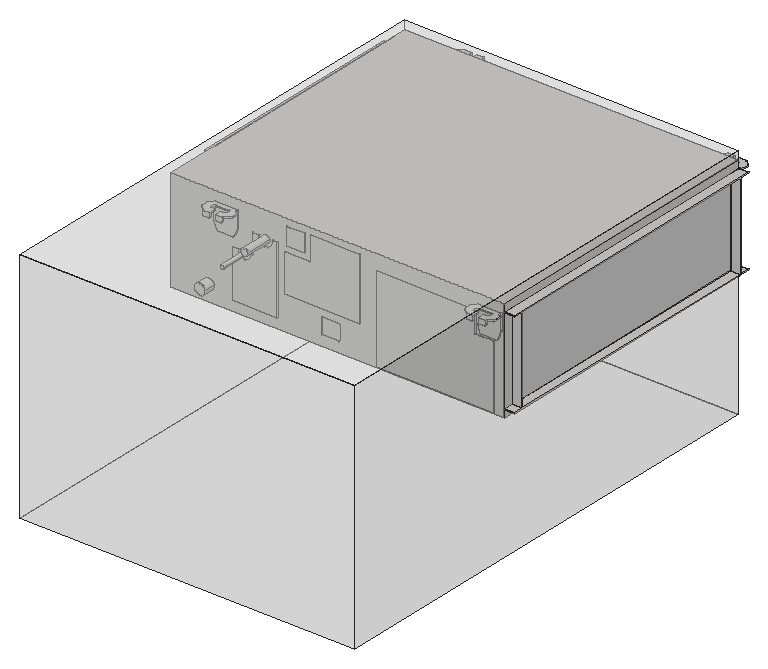
Revit family "outputfile", category 機械設備, Revit 2024
Family settings
  丸型コネクタ寸法 = 半径を使用
  パーツ タイプ = 標準
  OmniClass 番号 = 23.75.10.24.21.27.27
  OmniClass タイトル = Split System Air Conditioning Units
  作業面ベース = いいえ
  常に垂直 = はい
  ロード時にボイドで切り取り = いいえ
  注釈の向きを維持 = いいえ
  共有 = いいえ
  部屋計算ポイント = はい
Parameters (values of type "FBFC60EVMG")
  製造元 = "Daikin"
  書き出し IFC クラス(タイプ) = "IfcUnitaryEquipmentType"
  定義済み IFC タイプ(タイプ) = "AIRCONDITIONINGUNIT"
  モデル = "FBFC60EVMG"
  switch_frequency = yes
  r_Liquid Pipe Size = Liquid Pipe Size / 2  # 4.75 mm
  r_Gas Pipe Size = Gas Pipe Size / 2  # 7.95 mm
  r_Drain Pipe Size = Drain Pipe Size / 2  # 12.5 mm
  lw_power = 770.0 mm  # constant formula
  lh_SA = 138.0 mm  # constant formula
  lw_SA = if(Depth = 550.0 mm, 225.0 mm, if(Depth = 700.0 mm, 300.0 mm, if(Depth = 1000.0 mm, 450.0 mm, if(Depth = 1400.0 mm, 650.0 mm, 725.0 mm))))  # 300.0 mm
  lw_RA = if(Depth = 550.0 mm, 275.0 mm, if(Depth = 700.0 mm, 349.0 mm, if(Depth = 1000.0 mm, 499.0 mm, if(Depth = 1400.0 mm, 699.0 mm, 775.0 mm))))  # 349.0 mm
  lh_power = 60.0 mm + [h***]  # 60.0 mm
  lh_mountinghole1 = lh_mountinghole + [h***]  # 222.0 mm
  lh_RA = 123.0 mm  # constant formula
  ld_power = Depth / 2  # 350.0 mm
  connector_voltage = Voltage_50Hz  # 230 V
  connector_powerinput = [Power Input (Cooling)]  # 2.000 kW
  connector_phase = Phase_50Hz  # 1
  Voltage_comment_60Hz = "220-230"
  Voltage_comment_50Hz = "220-240"
  Voltage_60Hz = 220 V
  Voltage_50Hz = 230 V
  Supply Air Direction [instance] = yes
  Phase_60Hz = 1
  Phase_50Hz = 1
  Minimum External Static Pressure = 30.00 Pa
  Maximum External Static Pressure = 130.00 Pa
  Material_Casing = DAIKIN_GalvanizedSteel_Casing_indoorunit
  lw_mountinghole = 630.0 mm  # constant formula
  lh_gaspipe = 183.0 mm + [h***]  # 183.0 mm
  lh_mountinghole = 222.0 mm  # constant formula
  lh_liquidpipe = 136.0 mm + [h***]  # 136.0 mm
  lh_drainpipe = 38.0 mm + [h***]  # 38.0 mm
  lh_antena = Height - lh_mountinghole + 1.0 mm  # 24.0 mm
  ld_drainpipe = Depth / 2 + 26.0 mm  # 376.0 mm
  ld_liquidpipe = Depth / 2 + 69.0 mm  # 419.0 mm
  ld_gaspipe = Depth / 2 + 65.0 mm  # 415.0 mm
  ld_mountinghole = Depth + 38.0 mm  # 738.0 mm
  h*** = 0.0 mm  # constant formula
  lw_liquidpipe = 179.0 mm  # constant formula
  lw_gaspipe = 229.0 mm  # constant formula
  lw_drainpipe = 91.0 mm  # constant formula
  Width = 800.0 mm
  Version = "ver.1.0"
  Unit Type = "Duct"
  Unit Mass Weight = 26.00 kg
  Unit Designation [instance] = ""
  Uniclass2015Version = "Products v1.30"
  Uniclass2015Title = "Split coil room air conditioning units"
  Uniclass2015Code = "Pr_70_65_03_86"
  Total Cooling Capacity [instance] = 0.000 kW
  Sound Pressure Level_M speed (dBA) = 35
  Sound Pressure Level_L speed (dBA) = 30
  Sound Pressure Level_H speed (dBA) = 37
  Series = "SkyAir_Fan Coil Unit"
  Sensible Cooling Capacity [instance] = 0.000 kW
  SA Duct Size Width = 492.0 mm
  SA Duct Size Height = 176.0 mm
  Refrigerant Type = "R32"
  RA Duct Size Width = 654.0 mm
  RA Duct Size Height = 208.0 mm
  Power Input (Cooling) = 2.000 kW
  Option Accessory 3 [instance] = ""
  Option Accessory 2 [instance] = ""
  Option Accessory 1 [instance] = ""
  Nominal Cooling Capacity = 6.000 kW
  Minimum Airflow = 540.00 m³/h
  Median Airflow = 720.00 m³/h
  Maximum Airflow = 930.00 m³/h
  Load Classification = HVAC
  Liquid Pipe Size = 9.5 mm
  Link_Nested Family [instance] = ""
  IfcVersion = ""
  IfcExportType = "AIRCONDITIONINGUNIT"
  IfcExportAs = "IfcUnitaryEquipmentType"
  Height = 245.0 mm
  Heat Exchanger Type = "Cross Fin Coil"
  Gas Pipe Size = 15.9 mm
  Frequency_60Hz = 60 Hz
  Frequency_50Hz = 50 Hz
  Fan Type = "Sirocco Fan"
  Fan Drive = "Direct Drive"
  FCU Tag No. [instance] = ""
  Drain Pipe Size = 25.0 mm
  Design Supply Airflow [instance] = 0.00 m³/h
  Design Return Airflow [instance] = 0.00 m³/h
  Design External Static Pressure [instance] = 0.00 Pa
  Depth = 700.0 mm
  既定の高さ = 0.0 mm
  Cooling Entering Wet Bulb Temperature [instance] = 0.00 °C
  Cooling Entering Dry Bulb Temperature [instance] = 0.00 °C
  Cooling Ambient Wet Bulb Temperature [instance] = 0.00 °C
  Cooling Ambient Dry Bulb Temperature [instance] = 0.00 °C
  Clearance visibility [instance] = yes
  Clearance Top = 20.0 mm
  Clearance Right = 0.0 mm
  Clearance Rear = 0.0 mm
  Clearance Left = 0.0 mm
  Clearance Front = 450.0 mm
  Clearance Bottom = 300.0 mm
Reference planes
  plane 1 "Center (Front/Back)": y = 0
  plane 2 "h": z = 0
  plane 3 "Center (Left/Right)": x = 0
  plane 4 "Back": y = 350
  plane 5 "Front": y = -350
  plane 6 "Left": x = -400
  plane 7 "Right": x = 400
  plane 8 "Top": z = 0
  plane 9 "Bottom": z = -245
  plane 10: y = -215
  plane 11: y = 350
  plane 12: y = -800
  plane 13: x = -400
  plane 14: x = 400
  plane 15: z = 20
  plane 16: z = -545
  plane 17: x = -400
  plane 18: x = -399
  plane 19: x = 399
  plane 20: y = 50
  plane 21: y = -1
  plane 22: z = -122
  plane 23: y = -351
  plane 24: z = -109
  plane 25: x = -221
  plane 26: y = -415
  plane 27: z = -62
  plane 28: x = -171
  plane 29: y = -376
  plane 30: z = -207
  plane 31: x = -309
  plane 32: x = -309
  plane 33: x = -221
  plane 34: x = -171
  plane 35: x = 370
  plane 36: x = -266
  plane 37: x = 364
  plane 38: y = -369
  plane 39: y = 369
  plane 40: z = -23
  plane 41: z = -107
  plane 42: y = -419
  plane 43: y = -376
  plane 44: x = -251
  plane 45: x = -203
  plane 46: x = -144
  plane 47: z = -59
  plane 48: z = -106
  plane 49: z = -221
  plane 50: z = -109
  plane 51: x = -221
  plane 52: z = -62
  plane 53: x = -171
  plane 54: z = -17
  plane 55: z = -59
  plane 56: x = -121
  plane 57: x = -79
  plane 58: x = -125
  plane 59: x = -64
  plane 60: x = 53
  plane 61: z = -164
  plane 62: z = -73
  plane 63: z = -16
  plane 64: x = 93.5
  plane 65: x = 374.5
  plane 66: x = 330
  plane 67: z = -88.5
  plane 68: z = -38
  plane 69: z = -242.5
  plane 70: x = -38.5
  plane 71: x = 6.5
  plane 72: z = -181
  plane 73: z = -221
  plane 74: y = -349
  plane 75: x = -424
  plane 76: x = 424
Forms (mm)
  Extrusion 1, solid, material "DAIKIN_GalvanizedSteel_Casing_indoorunit" <- "Material_Casing"
    sketch origin (0, 0, 0) x (1, 0, 0) y (0, 1, 0)
      loop
        line (-399, 350) -> (-399, -350) -> (399, -350) -> (399, 350) -> (-399, 350)
    from -245 to 0
  Extrusion 2, solid, material "DAIKIN_GalvanizedSteel_Casing_indoorunit" <- "Material_Casing"
    sketch origin (0, 0, 0) x (1, 0, 0) y (0, 0, 1)
      loop
        line (-251, -221) -> (-144, -221) -> (-144, -59) -> (-154.47, -59)
        arc (-154.47, -59) -> (-171, -78.8) -> (-187.53, -59) r 16.8
        line (-187.53, -59) -> (-203, -59) -> (-203, -106) -> (-206.916, -106)
        arc (-206.916, -106) -> (-221, -123.4) -> (-235.084, -106) r 14.4
        line (-235.084, -106) -> (-251, -106) -> (-251, -221)
    from 350 to 351
  Extrusion 3, solid, material "DAIKIN_GalvanizedSteel_Casing_indoorunit" <- "Material_Casing"
    sketch origin (0, 0, 0) x (1, 0, 0) y (0, 0, 1)
      loop
        line (-121, -17) -> (-121, -59) -> (-79, -59) -> (-79, -17) -> (-121, -17)
      loop
        line (-125, -73) -> (-125, -164) -> (53, -164) -> (53, -16) -> (-64, -16) -> (-64, -73) -> (-125, -73)
    from 350 to 351
  Extrusion 4, solid, material "DAIKIN_GalvanizedSteel_Casing_indoorunit" <- "Material_Casing"
    sketch origin (0, 0, 0) x (1, 0, 0) y (0, 0, 1)
      loop
        line (93.5, -38) -> (93.5, -242.5) -> (374.5, -242.5) -> (374.5, -88.5) -> (330, -88.5) -> (330, -38) -> (93.5, -38)
    from 350 to 351
  Extrusion 5, solid, material "DAIKIN_GalvanizedSteel_Casing_indoorunit" <- "Material_Casing"
    sketch origin (0, 0, 0) x (1, 0, 0) y (0, 0, 1)
      loop
        circle (-221, -109) r 4.75
    from 350 to 419
  Extrusion 6, solid, material "DAIKIN_GalvanizedSteel_Casing_indoorunit" <- "Material_Casing"
    sketch origin (0, 0, 0) x (1, 0, 0) y (0, 0, 1)
      loop
        circle (-171, -62) r 7.95
    from 350 to 415
  Extrusion 7, solid, material "DAIKIN_GalvanizedSteel_Casing_indoorunit" <- "Material_Casing"
    sketch origin (0, 0, 0) x (1, 0, 0) y (0, 0, 1)
      loop
        circle (-309, -207) r 12.5
    from 350 to 376
  Extrusion 8, void
    sketch origin (0, 0, 0) x (1, 0, 0) y (0, 0, 1)
      loop
        line (-38.5, -181) -> (-38.5, -221) -> (6.5, -221) -> (6.5, -181) -> (-38.5, -181)
    from 349 to 350
Cuts and joins
  Extrusion 8 cuts Extrusion 1
Dimensions and locks
  "Height": plane 8 "Top" to plane 9 "Bottom"
  equal spacing: plane 4 "Back", plane 1 "Center (Front/Back)", plane 5 "Front"
  "Depth": plane 4 "Back" to plane 5 "Front"
  equal spacing: plane 6 "Left", plane 3 "Center (Left/Right)", plane 7 "Right"
  "Width": plane 6 "Left" to plane 7 "Right"
  "Clearance Left": plane 13 to plane 6 "Left"
  "Clearance Right": plane 7 "Right" to plane 14
  "Clearance Rear": plane 11 to plane 4 "Back"
  "Clearance Front": plane 5 "Front" to plane 12
  "Clearance Top": plane 15 to plane 8 "Top"
  "Clearance Bottom": plane 9 "Bottom" to plane 16
  locked: plane 17 to plane 18 at 1
  locked: plane 19 to plane 14 at 1
  "lw_SA": plane 11 to plane 20
  "lw_RA": plane 21 to plane 5 "Front"
  "lh_RA": plane 22 to plane 9 "Bottom"
  locked: plane 5 "Front" to plane 23 at 1
  "lw_liquidpipe": plane 25 to plane 6 "Left"
  "lh_liquidpipe": plane 24 to plane 9 "Bottom"
  "lh_gaspipe": plane 27 to plane 9 "Bottom"
  "lw_gaspipe": plane 28 to plane 6 "Left"
  "ld_gaspipe": plane 26 to plane 1 "Center (Front/Back)"
  "ld_drainpipe": plane 29 to plane 1 "Center (Front/Back)"
  "lh_drainpipe": plane 30 to plane 9 "Bottom"
  "lw_drainpipe": plane 31 to plane 6 "Left"
  "lw_drainpipe": plane 6 "Left" to plane 32
  "lw_liquidpipe": plane 6 "Left" to plane 33
  "lw_gaspipe": plane 6 "Left" to plane 34
  "lw_power": plane 6 "Left" to plane 35
  locked: plane 17 to plane 36 at 134
  "lw_mountinghole": plane 36 to plane 37
  equal spacing: plane 38, plane 1 "Center (Front/Back)", plane 39
  "ld_mountinghole": plane 39 to plane 38
  "lh_mountinghole": plane 40 to plane 9 "Bottom"
  "lh_SA": plane 41 to plane 9 "Bottom"
  plane 46 to plane 45 to plane 44 to plane 6 "Left" = 59.0 mm, 48.0 mm, 149.0 mm
  plane 8 "Top" to plane 47 to plane 48 to plane 49 = 59.0 mm locked, 47.0 mm locked, 115.0 mm locked
  plane 53 to plane 51 to plane 6 "Left" = 50.0 mm locked, 179.0 mm locked
  plane 52 to plane 50 to plane 9 "Bottom" = 47.0 mm locked, 136.0 mm locked
  plane 57 to plane 56 to plane 6 "Left" = 42.0 mm locked, 279.0 mm locked
  plane 8 "Top" to plane 54 to plane 55 = 17.0 mm locked, 42.0 mm locked
  plane 60 to plane 59 to plane 58 to plane 6 "Left" = 117.0 mm, 61.0 mm, 275.0 mm
  plane 8 "Top" to plane 63 to plane 62 = 16.0 mm locked, 57.0 mm locked
  locked: plane 63 to plane 61 at 148
  plane 8 "Top" to plane 68 to plane 67 to plane 69 = 38.0 mm locked, 50.5 mm locked, 154.0 mm locked
  plane 65 to plane 66 to plane 64 to plane 6 "Left" = 44.5 mm locked, 236.5 mm locked, 493.5 mm locked
  plane 8 "Top" to plane 72 to plane 73 = 181.0 mm locked, 40.0 mm locked
  plane 71 to plane 70 to plane 6 "Left" = 45.0 mm, 361.5 mm
  locked: plane 74 to plane 5 "Front" at 1
  locked: plane 75 to plane 17 at 24
  locked: plane 14 to plane 76 at 24
  "ld_liquidpipe": plane 42 to plane 1 "Center (Front/Back)"
  "r_Liquid Pipe Size": radius of Extrusion 5 sketch curve
  "r_Gas Pipe Size": radius of Extrusion 6 sketch curve
  "r_Drain Pipe Size": radius of Extrusion 7 sketch curve
  aligned and locked: level to plane 2 "h"
  aligned and locked: plane 8 "Top" to Extrusion 1
  aligned and locked: Extrusion 1 to plane 9 "Bottom"
  aligned and locked: nested 5 to plane 12
  aligned and locked: plane 13 to nested 5
  aligned and locked: plane 14 to nested 5
  aligned and locked: nested 5 to plane 13
  aligned and locked: plane 11 to nested 5
  aligned and locked: plane 15 to nested 5
  aligned and locked: plane 16 to nested 5
  aligned and locked: plane 5 "Front" to Extrusion 1 sketch curve
  aligned and locked: Extrusion 1 to plane 18
  aligned and locked: plane 19 to Extrusion 1
  aligned and locked: nested 7 to plane 18
  aligned and locked: nested 7 to plane 20
  aligned and locked: plane 19 to nested 8
  aligned and locked: plane 21 to nested 8
  aligned and locked: plane 22 to nested 8
  aligned and locked: Extrusion 2 to plane 23
  aligned and locked: plane 5 "Front" to Extrusion 2
  aligned and locked: Extrusion 3 to plane 23
  aligned and locked: plane 5 "Front" to Extrusion 3
  aligned and locked: plane 5 "Front" to Extrusion 4
  aligned and locked: Extrusion 5 sketch curve to plane 25
  aligned and locked: plane 24 to Extrusion 5 sketch curve
  aligned and locked: plane 5 "Front" to Extrusion 5
  aligned and locked: Extrusion 6 sketch curve to plane 28
  aligned and locked: plane 27 to Extrusion 6 sketch curve
  aligned and locked: plane 5 "Front" to Extrusion 6
  aligned and locked: Extrusion 7 sketch curve to plane 31
  aligned and locked: plane 30 to Extrusion 7 sketch curve
  aligned and locked: Extrusion 7 to plane 29
  aligned and locked: nested 3 to plane 29
  aligned and locked: plane 32 to nested 3
  aligned and locked: nested 2 to plane 33
  aligned and locked: nested 1 to plane 34
  aligned and locked: Extrusion 6 to plane 26
  aligned and locked: nested 1 to plane 26
  aligned and locked: nested 6 to plane 5 "Front"
  aligned and locked: nested 6 to plane 35
  aligned and locked: plane 36 to nested 10
  aligned and locked: nested 10 to plane 5 "Front"
  aligned and locked: plane 37 to nested 9
  aligned and locked: nested 9 to plane 5 "Front"
  aligned and locked: nested 11 to plane 36
  aligned and locked: plane 4 "Back" to nested 11
  aligned and locked: nested 12 to plane 37
  aligned and locked: plane 4 "Back" to nested 12
  aligned and locked: plane 40 to nested 10
  aligned and locked: plane 40 to nested 11
  aligned and locked: plane 40 to nested 9
  aligned and locked: plane 40 to nested 12
  aligned and locked: plane 36 to nested 14
  aligned and locked: nested 14 to plane 39
  aligned and locked: plane 37 to nested 13
  aligned and locked: nested 13 to plane 39
  aligned and locked: plane 37 to nested 16
  aligned and locked: plane 38 to nested 16
  aligned and locked: plane 38 to nested 15
  aligned and locked: plane 36 to nested 15
  aligned and locked: plane 17 to plane 6 "Left"
  aligned and locked: plane 41 to nested 7
  aligned and locked: Extrusion 5 to plane 42
  aligned and locked: nested 2 to plane 42
  aligned and locked: Extrusion 3 sketch curve to plane 54
  aligned and locked: Extrusion 3 sketch curve to plane 56
  aligned and locked: plane 55 to Extrusion 3 sketch curve
  aligned and locked: plane 57 to Extrusion 3 sketch curve
  aligned and locked: Extrusion 4 to plane 23
  aligned and locked: Extrusion 8 sketch curve to plane 72
  aligned and locked: plane 73 to Extrusion 8 sketch curve
  aligned and locked: plane 71 to Extrusion 8 sketch curve
  aligned and locked: plane 5 "Front" to Extrusion 8
  aligned and locked: plane 74 to Extrusion 8
  aligned and locked: nested 17 to plane 20
  aligned and locked: nested 17 to plane 75
  aligned and locked: plane 21 to nested 18
  aligned and locked: plane 76 to nested 18
  aligned and locked: plane 41 to nested 17
  aligned and locked: nested 18 to plane 22
  aligned and locked: nested 4 to plane 3 "Center (Left/Right)"
  aligned and locked: plane 1 "Center (Front/Back)" to nested 4
  aligned and locked: level to plane 8 "Top"
  aligned and locked: plane 5 "Front" to Extrusion 7
Automatic sketch dimensions
  plane 6 "Left" to Extrusion 1 sketch curve = 1.0 mm
  Extrusion 1 sketch curve to plane 7 "Right" = 1.0 mm
  Extrusion 1 sketch curve to plane 4 "Back" = 0.0 mm
  Extrusion 2 sketch curve to plane 44 = 0.0 mm
  Extrusion 2 sketch curve to plane 33 = 0.0 mm
  Extrusion 2 sketch curve to plane 45 = 0.0 mm
  Extrusion 2 sketch curve to plane 34 = 0.0 mm
  Extrusion 2 sketch curve to plane 46 = 0.0 mm
  Extrusion 2 sketch curve to plane 49 = 0.0 mm
  Extrusion 2 sketch curve to plane 50 = 0.0 mm
  Extrusion 2 sketch curve to plane 48 = 0.0 mm  (x3)
  Extrusion 2 sketch curve to plane 52 = 0.0 mm
  Extrusion 2 sketch curve to plane 47 = 0.0 mm  (x3)
  plane 33 to Extrusion 2 sketch curve = 14.084 mm
  plane 34 to Extrusion 2 sketch curve = 16.53 mm
  Extrusion 3 sketch curve to plane 58 = 0.0 mm
  Extrusion 3 sketch curve to plane 59 = 0.0 mm
  Extrusion 3 sketch curve to plane 60 = 0.0 mm
  Extrusion 3 sketch curve to plane 61 = 0.0 mm
  Extrusion 3 sketch curve to plane 62 = 0.0 mm
  Extrusion 3 sketch curve to plane 63 = 0.0 mm
  Extrusion 4 sketch curve to plane 64 = 0.0 mm
  Extrusion 4 sketch curve to plane 66 = 0.0 mm
  Extrusion 4 sketch curve to plane 65 = 0.0 mm
  Extrusion 4 sketch curve to plane 69 = 0.0 mm
  Extrusion 4 sketch curve to plane 67 = 0.0 mm
  Extrusion 4 sketch curve to plane 68 = 0.0 mm
  Extrusion 8 sketch curve to plane 70 = 0.0 mm
Nested families
  nested 1: "daikin_connector_rotate2" at (-171, 0, -62), length <- "ld_gaspipe", built-in parameter 1001364 <- "lh_gaspipe", radius <- "r_Gas Pipe Size", type "daikin_connector_rotate2"
    with radius 7.95 mm, length 415.0 mm, angle_vertical 90.00°
  nested 2: "daikin_connector_rotate2" at (-221, 0, -109), length <- "ld_liquidpipe", built-in parameter 1001364 <- "lh_liquidpipe", radius <- "r_Liquid Pipe Size", type "daikin_connector_rotate2"
    with radius 4.75 mm, length 419.0 mm, angle_vertical 90.00°
  nested 3: "daikin_connector_rotate2" at (-309, 0, -207), length <- "ld_drainpipe", built-in parameter 1001364 <- "lh_drainpipe", radius <- "r_Drain Pipe Size", type "daikin_connector_rotate2"
    with radius 12.5 mm, length 376.0 mm, angle_vertical 90.00°
  nested 4: "daikin_△_symbolicline" at (0, 0, 245) x (0, -1, 0) z (0, 0, 1), built-in parameter 1001364 <- "Height", visible <- "Supply Air Direction", type "daikin_△_symbolicline"
    with length 200.0 mm
  nested 5: "daikin_clearancespace" at (0, -225, -262.381), visible <- "Clearance visibility", show <- "Clearance visibility", Link_Nested Family <- "Link_Nested Family", type "daikin_clearancespace"
    with width 800.0 mm, show yes, height 565.0 mm, depth 1150.0 mm, Link_Nested Family ""
  nested 6: "daikin_connector_rotate2" at (370, 0, -185), built-in parameter 1001364 <- "lh_power", length <- "ld_power", type "daikin_connector_rotate2"
    with radius 10.0 mm, length 350.0 mm, angle_vertical 90.00°
  nested 7: "daikin_ductflange_FBFC-EVMG_2" at (-399, 50, -107) x (0, -1, 0) z (0, 0, 1), type "daikin_ductflange_FBFC-EVMG_2"
    with width 492.0 mm, w 700.0 mm
  nested 8: "daikin_ductflange_FBFC-EVMG" at (399, -1, -122) x (0, 1, 0) z (0, 0, 1), type "daikin_ductflange_FBFC-EVMG"
  nested 9: "daikin_hangerfixture_FBFC-EVMG" at (364, -350, -23), type "daikin_hangerfixture_FBFC-EVMG"
  nested 10: "daikin_hangerfixture_FBFC-EVMG" at (-266, -350, -23), type "daikin_hangerfixture_FBFC-EVMG"
  nested 11: "daikin_hangerfixture_FBFC-EVMG" at (-266, 350, -23) x (-1, 0, 0) z (0, 0, 1), type "daikin_hangerfixture_FBFC-EVMG"
  nested 12: "daikin_hangerfixture_FBFC-EVMG" at (364, 350, -23) x (-1, 0, 0) z (0, 0, 1), type "daikin_hangerfixture_FBFC-EVMG"
  nested 13: "daikin_mountinghole" at (364, 369, -245), h_mountinghole <- "lh_mountinghole1", l_antenna <- "lh_antena", Link_Nested Family <- "Link_Nested Family", type "daikin_mountinghole"
    with show yes, l_antenna 24.0 mm, h_mountinghole 222.0 mm, Link_Nested Family ""
  nested 14: "daikin_mountinghole" at (-266, 369, -245), h_mountinghole <- "lh_mountinghole1", l_antenna <- "lh_antena", Link_Nested Family <- "Link_Nested Family", type "daikin_mountinghole"
    with show yes, l_antenna 24.0 mm, h_mountinghole 222.0 mm, Link_Nested Family ""
  nested 15: "daikin_mountinghole" at (-266, -369, -245), h_mountinghole <- "lh_mountinghole1", l_antenna <- "lh_antena", Link_Nested Family <- "Link_Nested Family", type "daikin_mountinghole"
    with show yes, l_antenna 24.0 mm, h_mountinghole 222.0 mm, Link_Nested Family ""
  nested 16: "daikin_mountinghole" at (364, -369, -245), h_mountinghole <- "lh_mountinghole1", l_antenna <- "lh_antena", Link_Nested Family <- "Link_Nested Family", type "daikin_mountinghole"
    with show yes, l_antenna 24.0 mm, h_mountinghole 222.0 mm, Link_Nested Family ""
  nested 17: "daikin_connector_rotate2" at (-400, 50, -107) x (0, -1, 0) z (0, 0, 1), type "daikin_connector_rotate2"
    with radius 10.0 mm, length 24.0 mm, angle_vertical 90.00°
  nested 18: "daikin_connector_rotate2" at (400, -1, -122) x (0, 1, 0) z (0, 0, 1), type "daikin_connector_rotate2"
    with radius 10.0 mm, length 24.0 mm, angle_vertical 90.00°
Connectors
  piping at (-309, -376, -207), diameter 25, driven by "r_Drain Pipe Size"
    settings: on nested 3, index 3, connector inside diameter 609.6 mm, connector length 0.0 mm, flow factor 0, pipe flow 0.00 m³/h, pressure drop 0.0 Pa, fitting loss kfactor 0, connector angle 0.00°, fixture units 0, engagement length 0.0 mm, angle of deflection 0.00°, flow configuration 1, flow direction 2, fitting loss method 4, system type 16, joint type 0, gender type 0, connector reference index -1, connector utility 0, adjustable connector no, is connector primary yes, connector description "Condensate Drain Piping"
  piping at (-171, -415, -62), diameter 15.9, driven by "r_Gas Pipe Size"
    settings: on nested 1, index 4, connector inside diameter 609.6 mm, connector length 0.0 mm, flow factor 0, pipe flow 0.00 m³/h, pressure drop 0.0 Pa, fitting loss kfactor 0, connector angle 0.00°, fixture units 0, engagement length 0.0 mm, angle of deflection 0.00°, flow configuration 1, flow direction 2, fitting loss method 0, system type 29, joint type 0, gender type 0, connector reference index -1, connector utility 0, adjustable connector no, is connector primary no, connector description "Refrigerant Gas Piping"
  piping at (-221, -419, -109), diameter 9.5, driven by "r_Liquid Pipe Size"
    settings: on nested 2, index 5, connector inside diameter 609.6 mm, connector length 0.0 mm, flow factor 0, pipe flow 0.00 m³/h, pressure drop 0.0 Pa, fitting loss kfactor 0, connector angle 0.00°, fixture units 0, engagement length 0.0 mm, angle of deflection 0.00°, flow configuration 1, flow direction 1, fitting loss method 0, system type 29, joint type 0, gender type 0, connector reference index -1, connector utility 0, adjustable connector no, is connector primary no, connector description "Refrigerant Liquid Piping"
  electrical at (370, -350, -185), driven by "Load Classification", driven by "connector_phase", driven by "connector_powerinput", driven by "connector_voltage"
    settings: on nested 6, index 6, voltage 230 V, apparent load 2000 VA, apparent load phase1 0 VA, apparent load phase2 0 VA, apparent load phase3 0 VA, power factor 1, load classification "HVAC", number of poles 1, system type 30, power factor state 1, is connector primary yes, connector utility no, sub classification motor no, connector description "Power Supply"
  hvac at (-424, 50, -107), driven by "SA Duct Size Height", driven by "SA Duct Size Width"
    settings: on nested 17, index 7, duct flow 0.00 m³/h, flow factor 0, pres drop 0.00 Pa, loss coef 0, conn angle 0.00°, conn width 492.0 mm, conn height 176.0 mm, conn diameter 609.6 mm, duct sys type 1, conn prof type 1, flow config 0, flow direction 2, loss method 4, conn ref index -1, conn util no, is conn primary yes, conn desc "SA Duct"
  hvac at (424, -1, -122), driven by "RA Duct Size Height", driven by "RA Duct Size Width"
    settings: on nested 18, index 8, duct flow 0.00 m³/h, flow factor 0, pres drop 0.00 Pa, loss coef 0, conn angle 0.00°, conn width 654.0 mm, conn height 208.0 mm, conn diameter 609.6 mm, duct sys type 2, conn prof type 1, flow config 0, flow direction 1, loss method 4, conn ref index -1, conn util no, is conn primary no, conn desc "RA Duct"
Definition of nested family "daikin_clearancespace"
  Parameters (values of type "daikin_clearancespace")
    Description = "daikin_clearancespace"
    width [instance] = 1823.963 mm
    show [instance] = yes
    material = none
    height [instance] = 1359.762 mm
    depth [instance] = 880.0 mm
    Default Elevation = 0.0 mm
    Link_Nested Family [instance] = ""
  Reference planes
    plane 1 "Center (Front/Back)": y = 0
    plane 2 "Center (Elevation)": z = -0.119
    plane 3 "Center (Left/Right)": x = 0
    plane 4: y = 440
    plane 5: y = -440
    plane 6 "Right": x = 911.982
    plane 7 "Left": x = -911.982
    plane 8 "Top": z = 679.762
    plane 9 "Bottom": z = -680
  Forms (mm)
    Extrusion 1, solid, material <- "material", visible <- "show"
      sketch origin (0, 0, 0) x (1, 0, 0) y (0, 1, 0)
        loop
          line (-911.982, 440) -> (-911.982, -440) -> (911.982, -440) -> (911.982, 440) -> (-911.982, 440)
      from -680 to 679.762
  Lines and regions (mm)
    symbolic lines, visible <- "show"
      curve 1: line (911.982, 440, 0) -> (-911.982, 440, 0)
      curve 2: line (-911.982, 440, 0) -> (-911.982, -440, 0)
      curve 3: line (-911.982, -440, 0) -> (911.982, -440, 0)
      curve 4: line (911.982, -440, 0) -> (911.982, 440, 0)
      curve 5: line (911.982, 0, 679.762) -> (-911.982, 0, 679.762)
      curve 6: line (911.982, 0, -680) -> (911.982, 0, 679.762)
      curve 7: line (-911.982, 0, -680) -> (911.982, 0, -680)
      curve 8: line (-911.982, 0, 679.762) -> (-911.982, 0, -680)
      curve 9: line (0, 440, 679.762) -> (0, -440, 679.762)
      curve 10: line (0, -440, 679.762) -> (0, -440, -680)
      curve 11: line (0, 440, -680) -> (0, 440, 679.762)
      curve 12: line (0, -440, -680) -> (0, 440, -680)
  Dimensions and locks
    "width": plane 7 "Left" to plane 6 "Right"
    "depth": plane 4 to plane 5
    "height": plane 8 "Top" to plane 9 "Bottom"
    equal spacing: plane 7 "Left", plane 3 "Center (Left/Right)", plane 6 "Right"
    equal spacing: plane 4, plane 1 "Center (Front/Back)", plane 5
    equal spacing: plane 8 "Top", plane 2 "Center (Elevation)", plane 9 "Bottom"
    aligned and locked: level to plane 2 "Center (Elevation)"
    aligned and locked: Extrusion 1 sketch curve to plane 4
    aligned and locked: plane 7 "Left" to Extrusion 1 sketch curve
    aligned and locked: Extrusion 1 sketch curve to plane 5
    aligned and locked: Extrusion 1 sketch curve to plane 6 "Right"
    aligned and locked: plane 8 "Top" to Extrusion 1
    aligned and locked: curve 1 to Extrusion 1
    aligned and locked: curve 2 to Extrusion 1
    aligned and locked: curve 3 to Extrusion 1
    aligned and locked: curve 4 to Extrusion 1
    aligned and locked: curve 5 to Extrusion 1
    aligned and locked: curve 6 to Extrusion 1
    aligned and locked: curve 7 to Extrusion 1
    aligned and locked: curve 8 to Extrusion 1
    aligned and locked: curve 9 to Extrusion 1
    aligned and locked: curve 10 to Extrusion 1
    aligned and locked: curve 11 to Extrusion 1
    aligned and locked: curve 12 to Extrusion 1
    aligned and locked: Extrusion 1 to plane 9 "Bottom"
Definition of nested family "daikin_ductflange_FBFC-EVMG_2"
  Parameters (values of type "daikin_ductflange_FBFC-DVMG2")
    width = if(w = 550.0 mm, 337.0 mm, if(w = 700.0 mm, 492.0 mm, if(w = 1000.0 mm, 792.0 mm, if(w = 1400.0 mm, 1192.0 mm, 1337.0 mm))))  # 1192.0 mm
    material = none
    height = 215.0 mm
    depth = 1.0 mm
    w = 1400.0 mm
    Default Elevation = 0.0 mm
  Reference planes
    plane 1 "Center (Front/Back)": y = 0
    plane 2: z = 0
    plane 3 "Center (Left/Right)": x = 0
    plane 4: z = 88
    plane 5: z = -88
    plane 6: y = -25
    plane 7: z = 106
    plane 8: z = 89
    plane 9: y = -1
    plane 10: x = -617.5
    plane 11: x = 617.5
    plane 12: z = -106
    plane 13: z = -89
    plane 14: y = -1
    plane 15: x = 596
    plane 16: x = -596
    plane 17: x = 597
    plane 18: z = 87
    plane 19: z = -87
    plane 20: x = -597
    plane 21: z = 87
    plane 22: z = -87
    plane 23: y = -1
  Forms (mm)
    Extrusion 1, solid, material <- "material"
      sketch origin (0, 0, 0) x (0, 1, 0) y (0, 0, 1)
        loop
          line (-25, 88) -> (0, 88) -> (0, 106) -> (-1, 106) -> (-1, 89) -> (-25, 89) -> (-25, 88)
      from -617.5 to 617.5
    Extrusion 2, solid, material <- "material"
      sketch origin (0, 0, 0) x (0, 1, 0) y (0, 0, 1)
        loop
          line (-25, -88) -> (-25, -89) -> (-1, -89) -> (-1, -106) -> (0, -106) -> (0, -88) -> (-25, -88)
      from -617.5 to 617.5
    Extrusion 3, solid, material <- "material"
      sketch origin (0, 0, 0) x (1, 0, 0) y (0, 0, 1)
        loop
          line (596, 88) -> (596, -88) -> (617.5, -88) -> (617.5, -87) -> (597, -87) -> (597, 87) -> (617.5, 87) -> (617.5, 88) -> (596, 88)
      from 0 to 25
    Extrusion 4, solid, material <- "material"
      sketch origin (0, 0, 0) x (1, 0, 0) y (0, 0, 1)
        loop
          line (-617.5, 88) -> (-617.5, 87) -> (-597, 87) -> (-597, -87) -> (-617.5, -87) -> (-617.5, -88) -> (-596, -88) -> (-596, 88) -> (-617.5, 88)
      from 0 to 25
    Extrusion 5, solid, material <- "material"
      sketch origin (0, 0, 0) x (1, 0, 0) y (0, 0, 1)
        loop
          line (-617.5, 88) -> (-617.5, -88) -> (-596, -88) -> (-596, 88) -> (-617.5, 88)
        loop
          line (617.5, 88) -> (596, 88) -> (596, -88) -> (617.5, -88) -> (617.5, 88)
      from 0 to 1
  Cuts and joins
    joined: Extrusion 1, Extrusion 2, Extrusion 3, Extrusion 4, Extrusion 5
  Dimensions and locks
    plane 4 to level to plane 5 = 88.0 mm, 88.0 mm
    locked: plane 6 to plane 1 "Center (Front/Back)" at 25
    locked: plane 9 to plane 1 "Center (Front/Back)" at 1
    locked: plane 8 to plane 4 at 1
    locked: plane 16 to plane 10 at 21.5
    locked: plane 17 to plane 15 at 1
    locked: plane 4 to plane 18 at 1
    locked: plane 19 to plane 5 at 1
    "width": plane 15 to plane 16
    plane 4 to plane 5 = 176.0 mm
    locked: plane 16 to plane 20 at 1
    locked: plane 4 to plane 21 at 1
    locked: plane 22 to plane 5 at 1
    locked: plane 23 to plane 1 "Center (Front/Back)" at 1
    plane 4 to level to plane 5 = 88.0 mm locked, 88.0 mm locked
    locked: plane 5 to plane 13 at 1
    locked: plane 5 to plane 12 at 18
    locked: plane 7 to plane 4 at 18
    equal spacing: plane 15, plane 3 "Center (Left/Right)", plane 16
    locked: plane 11 to plane 15 at 21.5
    plane 11 to plane 10 = 1235.0 mm
    aligned and locked: level to plane 2
    aligned and locked: Extrusion 1 to plane 10
    aligned and locked: plane 11 to Extrusion 1
    aligned and locked: plane 5 to Extrusion 2
    aligned and locked: Extrusion 2 to plane 1 "Center (Front/Back)"
    aligned and locked: plane 15 to Extrusion 3 sketch curve
    aligned and locked: Extrusion 3 sketch curve to Extrusion 2  (x2)
    aligned and locked: Extrusion 3 sketch curve to plane 11
    aligned and locked: plane 6 to Extrusion 3
    aligned and locked: Extrusion 2 to plane 10
    aligned and locked: plane 11 to Extrusion 2
    aligned and locked: Extrusion 4 sketch curve to Extrusion 1  (x2)
    aligned and locked: plane 5 to Extrusion 4 sketch curve
    aligned and locked: Extrusion 4 sketch curve to plane 16
    aligned and locked: Extrusion 4 sketch curve to plane 22
    aligned and locked: plane 20 to Extrusion 4 sketch curve
    aligned and locked: plane 21 to Extrusion 4 sketch curve
    aligned and locked: Extrusion 4 to plane 1 "Center (Front/Back)"
    aligned and locked: plane 6 to Extrusion 4
    aligned and locked: Extrusion 5 sketch curve to Extrusion 1  (x4)
    aligned and locked: Extrusion 5 sketch curve to Extrusion 4  (x2)
    aligned and locked: Extrusion 5 sketch curve to Extrusion 3  (x2)
    aligned and locked: Extrusion 5 to plane 1 "Center (Front/Back)"
    aligned and locked: plane 23 to Extrusion 5
  Automatic sketch dimensions
    Extrusion 1 sketch curve to plane 6 = 0.0 mm
    Extrusion 1 sketch curve to plane 7 = 0.0 mm
    Extrusion 1 sketch curve to plane 9 = 0.0 mm
    Extrusion 1 sketch curve to plane 1 "Center (Front/Back)" = 0.0 mm
    Extrusion 1 sketch curve to plane 4 = 0.0 mm
    Extrusion 1 sketch curve to plane 8 = 0.0 mm
    Extrusion 2 sketch curve to plane 6 = 0.0 mm
    plane 12 to Extrusion 2 sketch curve = 0.0 mm
    Extrusion 2 sketch curve to plane 14 = 0.0 mm
    Extrusion 2 sketch curve to plane 1 "Center (Front/Back)" = 0.0 mm
    plane 13 to Extrusion 2 sketch curve = 0.0 mm
    Extrusion 2 sketch curve to plane 5 = 0.0 mm
    Extrusion 3 sketch curve to plane 17 = 0.0 mm
    Extrusion 3 sketch curve to plane 19 = 0.0 mm
    Extrusion 3 sketch curve to plane 18 = 0.0 mm
    Extrusion 3 sketch curve to plane 4 = 0.0 mm
    Extrusion 4 sketch curve to plane 10 = 0.0 mm
Definition of nested family "daikin_ductflange_FBFC-EVMG"
  Parameters (values of type "daikin_ductflange_FBFC-DVMG")
    width = if(w = 550.0 mm, 502.0 mm, if(w = 700.0 mm, 654.0 mm, if(w = 1000.0 mm, 952.0 mm, if(w = 1400.0 mm, 1352.0 mm, 1502.0 mm))))  # 654.0 mm
    material = none
    lw = if(width = 654.0 mm, 23.0 mm, 25.0 mm)  # 23.0 mm
    height = 208.0 mm
    depth = 1.0 mm
    w = 700.0 mm
    Default Elevation = 0.0 mm
  Reference planes
    plane 1 "Center (Front/Back)": y = 0
    plane 2: z = 0
    plane 3 "Center (Left/Right)": x = 0
    plane 4: z = 104
    plane 5: z = -104
    plane 6: y = -25
    plane 7: z = 121
    plane 8: z = 105
    plane 9: y = -1
    plane 10: x = -350
    plane 11: x = 350
    plane 12: z = -122
    plane 13: z = -105
    plane 14: y = -1
    plane 15: x = 327
    plane 16: x = -327
    plane 17: x = 328
    plane 18: z = 103
    plane 19: z = -103
    plane 20: x = -328
    plane 21: z = 103
    plane 22: z = -103
    plane 23: y = -1
  Forms (mm)
    Extrusion 1, solid, material <- "material"
      sketch origin (0, 0, 0) x (0, 1, 0) y (0, 0, 1)
        loop
          line (-25, 104) -> (0, 104) -> (0, 121) -> (-1, 121) -> (-1, 105) -> (-25, 105) -> (-25, 104)
      from -350 to 350
    Extrusion 2, solid, material <- "material"
      sketch origin (0, 0, 0) x (0, 1, 0) y (0, 0, 1)
        loop
          line (-25, -104) -> (-25, -105) -> (-1, -105) -> (-1, -122) -> (0, -122) -> (0, -104) -> (-25, -104)
      from -350 to 350
    Extrusion 3, solid, material <- "material"
      sketch origin (0, 0, 0) x (1, 0, 0) y (0, 0, 1)
        loop
          line (327, 104) -> (327, -104) -> (350, -104) -> (350, -103) -> (328, -103) -> (328, 103) -> (350, 103) -> (350, 104) -> (327, 104)
      from 0 to 25
    Extrusion 4, solid, material <- "material"
      sketch origin (0, 0, 0) x (1, 0, 0) y (0, 0, 1)
        loop
          line (-350, 104) -> (-350, 103) -> (-328, 103) -> (-328, -103) -> (-350, -103) -> (-350, -104) -> (-327, -104) -> (-327, 104) -> (-350, 104)
      from 0 to 25
    Extrusion 5, solid, material <- "material"
      sketch origin (0, 0, 0) x (1, 0, 0) y (0, 0, 1)
        loop
          line (-350, 104) -> (-350, -104) -> (-327, -104) -> (-327, 104) -> (-350, 104)
        loop
          line (350, 104) -> (327, 104) -> (327, -104) -> (350, -104) -> (350, 104)
      from 0 to 1
  Cuts and joins
    joined: Extrusion 1, Extrusion 2, Extrusion 3, Extrusion 4, Extrusion 5
  Dimensions and locks
    plane 4 to level to plane 5 = 104.0 mm, 104.0 mm
    locked: plane 6 to plane 1 "Center (Front/Back)" at 25
    locked: plane 9 to plane 1 "Center (Front/Back)" at 1
    locked: plane 8 to plane 4 at 1
    "lw": plane 11 to plane 15
    "lw": plane 16 to plane 10
    locked: plane 17 to plane 15 at 1
    locked: plane 4 to plane 18 at 1
    locked: plane 19 to plane 5 at 1
    "width": plane 15 to plane 16
    equal spacing: plane 15, plane 3 "Center (Left/Right)", plane 16
    locked: plane 16 to plane 20 at 1
    locked: plane 4 to plane 21 at 1
    locked: plane 22 to plane 5 at 1
    locked: plane 23 to plane 1 "Center (Front/Back)" at 1
    locked: plane 7 to plane 4 at 17
    locked: plane 1 "Center (Front/Back)" to plane 14 at 1
    locked: plane 5 to plane 13 at 1
    "height": plane 4 to plane 5
    plane 11 to plane 10 = 700.0 mm
    locked: plane 12 to plane 13 at 17
    equal spacing: plane 4, level, plane 5
    aligned and locked: level to plane 2
    aligned and locked: Extrusion 1 to plane 10
    aligned and locked: plane 11 to Extrusion 1
    aligned and locked: plane 5 to Extrusion 2
    aligned and locked: Extrusion 2 to plane 1 "Center (Front/Back)"
    aligned and locked: plane 15 to Extrusion 3 sketch curve
    aligned and locked: Extrusion 3 sketch curve to Extrusion 2  (x2)
    aligned and locked: Extrusion 3 sketch curve to plane 11
    aligned and locked: plane 6 to Extrusion 3
    aligned and locked: Extrusion 2 to plane 10
    aligned and locked: plane 11 to Extrusion 2
    aligned and locked: Extrusion 4 sketch curve to Extrusion 1  (x2)
    aligned and locked: plane 5 to Extrusion 4 sketch curve
    aligned and locked: Extrusion 4 sketch curve to plane 16
    aligned and locked: Extrusion 4 sketch curve to plane 22
    aligned and locked: plane 20 to Extrusion 4 sketch curve
    aligned and locked: plane 21 to Extrusion 4 sketch curve
    aligned and locked: Extrusion 4 to plane 1 "Center (Front/Back)"
    aligned and locked: plane 6 to Extrusion 4
    aligned and locked: Extrusion 5 sketch curve to Extrusion 1  (x4)
    aligned and locked: Extrusion 5 sketch curve to Extrusion 4  (x2)
    aligned and locked: Extrusion 5 sketch curve to Extrusion 3  (x2)
    aligned and locked: Extrusion 5 to plane 1 "Center (Front/Back)"
    aligned and locked: plane 23 to Extrusion 5
  Automatic sketch dimensions
    Extrusion 1 sketch curve to plane 6 = 0.0 mm
    Extrusion 1 sketch curve to plane 7 = 0.0 mm
    Extrusion 1 sketch curve to plane 9 = 0.0 mm
    Extrusion 1 sketch curve to plane 1 "Center (Front/Back)" = 0.0 mm
    Extrusion 1 sketch curve to plane 4 = 0.0 mm
    Extrusion 1 sketch curve to plane 8 = 0.0 mm
    Extrusion 2 sketch curve to plane 6 = 0.0 mm
    plane 12 to Extrusion 2 sketch curve = 0.0 mm
    Extrusion 2 sketch curve to plane 14 = 0.0 mm
    Extrusion 2 sketch curve to plane 1 "Center (Front/Back)" = 0.0 mm
    plane 13 to Extrusion 2 sketch curve = 0.0 mm
    Extrusion 2 sketch curve to plane 5 = 0.0 mm
    Extrusion 3 sketch curve to plane 17 = 0.0 mm
    Extrusion 3 sketch curve to plane 19 = 0.0 mm
    Extrusion 3 sketch curve to plane 18 = 0.0 mm
    Extrusion 3 sketch curve to plane 4 = 0.0 mm
    Extrusion 4 sketch curve to plane 10 = 0.0 mm
Definition of nested family "daikin_hangerfixture_FBFC-EVMG"
  Parameters (values of type "daikin_hangerfixture_FXMQ-PAVE")
    width = 72.0 mm
    material = none
    height = 60.0 mm
    depth = 41.0 mm
    Default Elevation = 0.0 mm
  Reference planes
    plane 1 "Center (Front/Back)": y = 0
    plane 2: z = 0
    plane 3 "Center (Left/Right)": x = 0
    plane 4: y = 417.146
    plane 5: y = -41
    plane 6: x = -36
    plane 7: x = 36
    plane 8: z = -2.3
    plane 9: z = -60
    plane 10: y = -2.3
    plane 11: z = -12
    plane 12: y = -38.7
  Forms (mm)
    Extrusion 1, solid, material <- "material"
      sketch origin (0, 0, 0) x (1, 0, 0) y (0, 1, 0)
        loop
          line (-28, 0) -> (-28, -5)
          arc (-28, -5) -> (-29.127, -8.162) -> (-32, -9.899) r 5
          arc (-32, -9.899) -> (-34.873, -11.636) -> (-36, -14.798) r 5
          line (-36, -14.798) -> (-36, -27.178)
          arc (-36, -27.178) -> (-35.429, -29.499) -> (-33.846, -31.289) r 5
          line (-33.846, -31.289) -> (-23, -38.798) -> (-23, -41.098) -> (-6.5, -41.098) -> (-6.5, -28.498)
          arc (-6.5, -28.498) -> (-7.379, -26.377) -> (-9.5, -25.498) r 3
          line (-9.5, -25.498) -> (-13.5, -25.498)
          arc (-13.5, -25.498) -> (-20, -18.998) -> (-13.5, -12.498) r 6.5
          line (-13.5, -12.498) -> (13.5, -12.498)
          arc (13.5, -12.498) -> (20, -18.998) -> (13.5, -25.498) r 6.5
          line (13.5, -25.498) -> (9.5, -25.498)
          arc (9.5, -25.498) -> (7.379, -26.377) -> (6.5, -28.498) r 3
          line (6.5, -28.498) -> (6.5, -41.098) -> (23, -41.098) -> (23, -38.798) -> (33.846, -31.289)
          arc (33.846, -31.289) -> (35.429, -29.499) -> (36, -27.178) r 5
          line (36, -27.178) -> (36, -14.596)
          arc (36, -14.596) -> (34.873, -11.434) -> (32, -9.697) r 5
          arc (32, -9.697) -> (29.127, -7.96) -> (28, -4.798) r 5
          line (28, -4.798) -> (28, 0) -> (-28, 0)
      from 0 to -2.3
    Extrusion 2, solid, material <- "material"
      sketch origin (0, 0, 0) x (1, 0, 0) y (0, 0, 1)
        loop
          line (28, -39.037) -> (28, 0) -> (-28, 0) -> (-28, -39.037)
          arc (-28, -39.037) -> (-27.91, -39.983) -> (-27.642, -40.894) r 5
          line (-27.642, -40.894) -> (-21.257, -56.857)
          arc (-21.257, -56.857) -> (-19.418, -59.14) -> (-16.615, -60) r 5
          line (-16.615, -60) -> (16.615, -60)
          arc (16.615, -60) -> (19.418, -59.14) -> (21.257, -56.857) r 5
          line (21.257, -56.857) -> (27.642, -40.894)
          arc (27.642, -40.894) -> (27.91, -39.983) -> (28, -39.037) r 5
      from 0 to 2.3
    Extrusion 3, solid, material <- "material"
      sketch origin (0, 0, 0) x (1, 0, 0) y (0, 0, 1)
        loop
          line (-23, 0) -> (-23, -9)
          arc (-23, -9) -> (-22.121, -11.121) -> (-20, -12) r 3
          line (-20, -12) -> (-9.5, -12)
          arc (-9.5, -12) -> (-7.379, -11.121) -> (-6.5, -9) r 3
          line (-6.5, -9) -> (-6.5, 0) -> (-23, 0)
        loop
          line (23, 0) -> (6.5, 0) -> (6.5, -9)
          arc (6.5, -9) -> (7.379, -11.121) -> (9.5, -12) r 3
          line (9.5, -12) -> (20, -12)
          arc (20, -12) -> (22.121, -11.121) -> (23, -9) r 3
          line (23, -9) -> (23, 0)
      from 38.8 to 41.098
  Cuts and joins
    joined: Extrusion 1, Extrusion 2, Extrusion 3
  Dimensions and locks
    plane 2 to plane 8 = 2.3 mm
    "height": plane 2 to plane 9
    locked: plane 10 to plane 1 "Center (Front/Back)" at 2.3
    locked: plane 2 to plane 11 at 12
    locked: plane 12 to plane 5 at 2.3
    aligned and locked: level to plane 2
    aligned and locked: Extrusion 1 to plane 8
    aligned and locked: plane 2 to Extrusion 1
    aligned and locked: plane 2 to Extrusion 2 sketch curve
    aligned and locked: Extrusion 2 to plane 10
    aligned and locked: Extrusion 2 to plane 1 "Center (Front/Back)"
    aligned and locked: Extrusion 3 sketch curve to cut or joined group of Extrusion 1, Extrusion 2, Extrusion 3  (x3)
    aligned and locked: cut or joined group of Extrusion 1, Extrusion 2, Extrusion 3 to Extrusion 3
  Automatic sketch dimensions
    Extrusion 2 sketch curve to plane 7 = 8.0 mm
    Extrusion 2 sketch curve to plane 8 = 36.737 mm
    plane 6 to Extrusion 2 sketch curve = 19.385 mm
    Extrusion 1 sketch curve to plane 6 = 0.0 mm
    plane 1 "Center (Front/Back)" to Extrusion 1 sketch curve = 0.0 mm
    Extrusion 1 sketch curve to plane 7 = 0.0 mm
    plane 6 to Extrusion 1 sketch curve = 2.154 mm
    plane 6 to Extrusion 1 sketch curve = 3.0 mm
    Extrusion 1 sketch curve to Extrusion 1 sketch curve = 5.0 mm  (x3)
    Extrusion 1 sketch curve to plane 12 = 0.098 mm  (x2)
    Extrusion 1 sketch curve to Extrusion 1 sketch curve = 4.0 mm  (x2)
    Extrusion 1 sketch curve to plane 5 = 0.098 mm  (x2)
    Extrusion 1 sketch curve to plane 3 "Center (Left/Right)" = 6.5 mm
    plane 3 "Center (Left/Right)" to Extrusion 1 sketch curve = 6.5 mm
    Extrusion 1 sketch curve to Extrusion 1 sketch curve = 3.0 mm
    Extrusion 1 sketch curve to plane 7 = 8.0 mm
    Extrusion 1 sketch curve to plane 7 = 5.0 mm
    Extrusion 1 sketch curve to plane 7 = 3.0 mm
    Extrusion 1 sketch curve to plane 7 = 2.154 mm
    plane 12 to Extrusion 1 sketch curve = 7.411 mm  (x2)
    plane 12 to Extrusion 1 sketch curve = 10.202 mm  (x2)
    Extrusion 1 sketch curve to Extrusion 1 sketch curve = 6.5 mm  (x2)
    Extrusion 1 sketch curve to Extrusion 1 sketch curve = 12.38 mm
    Extrusion 1 sketch curve to plane 10 = 12.296 mm
    Extrusion 1 sketch curve to plane 10 = 2.7 mm
    Extrusion 1 sketch curve to plane 10 = 2.498 mm
    plane 6 to Extrusion 1 sketch curve = 4.0 mm
    Extrusion 1 sketch curve to Extrusion 1 sketch curve = 0.0 mm  (x2)
    Extrusion 1 sketch curve to plane 7 = 4.0 mm
    Extrusion 1 sketch curve to Extrusion 1 sketch curve = 4.111 mm
    Extrusion 3 sketch curve to level = 0.0 mm  (x2)
    Extrusion 3 sketch curve to plane 11 = 0.0 mm  (x2)
    plane 11 to Extrusion 3 sketch curve = 3.0 mm  (x2)
    plane 3 "Center (Left/Right)" to Extrusion 3 sketch curve = 6.5 mm
    Extrusion 3 sketch curve to Extrusion 3 sketch curve = 3.0 mm  (x2)
    Extrusion 2 sketch curve to plane 9 = 0.0 mm
    Extrusion 2 sketch curve to Extrusion 2 sketch curve = 11.385 mm
    plane 6 to Extrusion 2 sketch curve = 8.0 mm
    plane 9 to Extrusion 2 sketch curve = 20.963 mm
    Extrusion 2 sketch curve to Extrusion 2 sketch curve = 5.0 mm  (x2)
    plane 9 to Extrusion 2 sketch curve = 3.143 mm  (x3)
    Extrusion 2 sketch curve to Extrusion 2 sketch curve = 4.642 mm  (x2)
    Extrusion 2 sketch curve to Extrusion 2 sketch curve = 0.0 mm  (x2)
    Extrusion 2 sketch curve to Extrusion 2 sketch curve = 0.358 mm
    Extrusion 2 sketch curve to Extrusion 2 sketch curve = 1.857 mm  (x2)
Definition of nested family "daikin_connector_rotate2"
  Parameters (values of type "daikin_connector_rotate2")
    Default Elevation = 1219.2 mm
    show_face = no
    radius [instance] = 10.0 mm
    length [instance] = 600.0 mm
    d_surface = 10.0 mm
    angle_vertical [instance] = 90.00°
  Reference planes
    plane 1 "Center (Front/Back)": y = 0
    plane 2: z = 0
    plane 3 "Center (Left/Right)": x = 0
  Forms (mm)
    Extrusion 1, solid, visible <- "show_face"
      sketch origin (0, -600, 0) x (1, 0, 0) y (0, 0, 1)
        loop
          circle (0, 0) r 10
      from 0 to -10
  Lines and regions (mm)
    reference lines
      curve 1: line (0, 0, 0) -> (0, -600, 0)
    symbolic lines
      curve 2: circle (0, 0, 0) r 5 normal (0, 0, 1)
    model lines, visible <- "show_face"
      curve 3: line (0, 0, 0) -> (0, -600, 0)
  Dimensions and locks
    "length": curve 1 to curve 1
    "length": curve 3 to curve 3
    "d_surface": Extrusion 1 to Extrusion 1
    "radius": radius of Extrusion 1 sketch curve
    "angle_vertical": angle curve 1 to plane 1 "Center (Front/Back)"
    "angle_vertical": angle curve 3 to plane 1 "Center (Front/Back)"
    aligned and locked: level to plane 2
    aligned and locked: plane 1 "Center (Front/Back)" to curve 1
    aligned and locked: plane 2 to curve 1
    aligned and locked: plane 1 "Center (Front/Back)" to curve 2
    aligned and locked: plane 3 "Center (Left/Right)" to curve 2
    aligned and locked: plane 1 "Center (Front/Back)" to curve 3
    aligned and locked: plane 2 to curve 3
    aligned and locked: Extrusion 1 to Extrusion 1
  Automatic sketch dimensions
    Extrusion 1 sketch curve to level = 0.0 mm
    Extrusion 1 sketch curve to plane 3 "Center (Left/Right)" = 0.0 mm
    radius of curve 2 = 5.0 mm
Definition of nested family "daikin_△_symbolicline"
  Parameters (values of type "daikin_△_symbolicline")
    length [instance] = 200.0 mm
    Default Elevation = 0.0 mm
  Reference planes
    plane 1 "Center (Front/Back)": y = 0
    plane 2: z = 0
    plane 3 "Center (Left/Right)": x = 0
  Lines and regions (mm)
    symbolic lines
      curve 1: line (0, -173.205, 0) -> (100, 0, 0)
      curve 2: line (100, 0, 0) -> (-100, 0, 0)
      curve 3: line (-100, 0, 0) -> (0, -173.205, 0)
  Dimensions and locks
    equal spacing: curve 3, plane 3 "Center (Left/Right)", curve 2
    "length": curve 3 to curve 2
    "length": curve 3 to curve 3
    "length": curve 1 to curve 1
    aligned and locked: level to plane 2
    aligned and locked: curve 2 to plane 1 "Center (Front/Back)"
    aligned and locked: plane 3 "Center (Left/Right)" to curve 3
Definition of nested family "daikin_mountinghole"
  Parameters (values of type "daikin_mountinghole")
    Default Elevation = 1219.2 mm
    Type Comments = "mountinghole"
    show [instance] = yes
    material = none
    l_centerline = 100.0 mm
    l_antenna [instance] = 100.0 mm
    h_mountinghole [instance] = 0.0 mm
    d_circle = 30.0 mm
    Link_Nested Family [instance] = ""
  Reference planes
    plane 1 "Center (Front/Back)": y = 0
    plane 2: z = 0
    plane 3 "Center (Left/Right)": x = 0
    plane 4: y = 50
    plane 5: x = -50
    plane 6: x = 50
    plane 7: y = -50
    plane 8 "h_mountinghole": z = 0
    plane 9: z = 100
  Lines and regions (mm)
    model lines, detail levels fine
      curve 1: circle (0, 0, 0) r 15 normal (0, 0, 1)
      curve 2: line (-50, 0, 0) -> (50, 0, 0)
      curve 3: line (0, 50, 0) -> (0, -50, 0)
    symbolic lines, detail levels fine
      curve 4: circle (0, 0, 0) r 15 normal (0, 0, 1)
      curve 5: line (-50, 0, 0) -> (50, 0, 0)
      curve 6: line (0, 50, 0) -> (0, -50, 0)
    model lines
      curve 7: line (0, 0, 100) -> (0, 0, 0)
  Dimensions and locks
    equal spacing: plane 4, plane 1 "Center (Front/Back)", plane 7
    "l_centerline": plane 4 to plane 7
    equal spacing: plane 5, plane 3 "Center (Left/Right)", plane 6
    "l_centerline": plane 5 to plane 6
    "l_antenna": plane 9 to plane 8 "h_mountinghole"
    "h_mountinghole": plane 8 "h_mountinghole" to plane 2
    "d_circle": diameter of curve 1
    "d_circle": diameter of curve 4
    aligned and locked: level to plane 2
    aligned and locked: plane 1 "Center (Front/Back)" to curve 1
    aligned and locked: plane 3 "Center (Left/Right)" to curve 1
    aligned and locked: plane 1 "Center (Front/Back)" to curve 2
    aligned and locked: curve 3 to plane 3 "Center (Left/Right)"
    aligned and locked: plane 6 to curve 2
    aligned and locked: plane 5 to curve 2
    aligned and locked: plane 4 to curve 3
    aligned and locked: plane 7 to curve 3
    aligned and locked: plane 1 "Center (Front/Back)" to curve 4
    aligned and locked: plane 3 "Center (Left/Right)" to curve 4
    aligned and locked: plane 6 to curve 5
    aligned and locked: plane 5 to curve 5
    aligned and locked: plane 1 "Center (Front/Back)" to curve 5
    aligned and locked: plane 4 to curve 6
    aligned and locked: plane 7 to curve 6
    aligned and locked: curve 6 to plane 3 "Center (Left/Right)"
    aligned and locked: curve 7 to plane 3 "Center (Left/Right)"
    aligned and locked: plane 9 to curve 7
    aligned and locked: plane 8 "h_mountinghole" to curve 7
